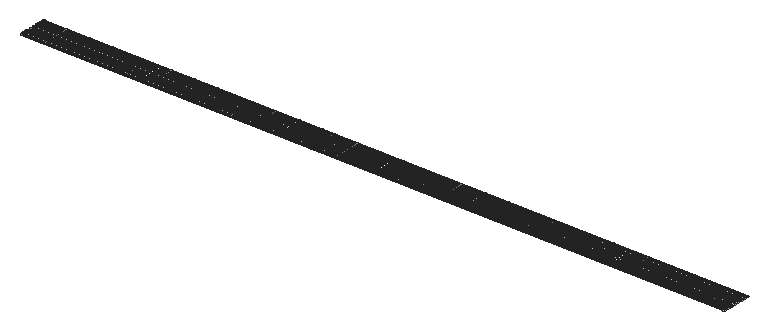
Revit family "Murfor Compact A-80 Masonry Reinforcement", category Specialty Equipment, Revit 2018
Family settings
  Round Connector Dimension = Use Diameter
  Part Type = Normal
  Work Plane-Based = No
  Always vertical = Yes
  Cut with Voids When Loaded = No
  Shared = No
  Room Calculation Point = No
Parameters (values of type "Murfor Compact A-80")
  Z = 81.50 mm
  Youngs Modulus - Gpa = 180
  Yield Strength - Mpa = 1770
  Y [instance] = X / 2  # 30
  X [instance] = Length L / Step c - 1  # 60
  Width - w = 80.00 mm
  Weight kg/ roll = "2.66"
  URL = "https://www.bekaert.com/en/products/construction/masonry-reinforcement/masonry-reinforcement-solutions"
  Type Image = Murfor Compact A-80.PNG
  Type Comments = "A mesh consisting of 14 steel chords"
  Thickness - e = 1.75 mm
  Strain Agt = 2.2
  Step c = 33.00 mm
  Steel Section Total = 9.66 mm
  Pitch (short) - a = 5.00 mm
  Pitch (long) - b = 10.00 mm
  Material Coating Reference EN845-3 = "R20"
  Material = Steel
  Manufacturer = "Bekaert"
  Longtidinal Cord = 0.69 mm
  Length L [instance] = 2000.00 mm
  Keynote = "suitable for all mortar joints with thickness between 3mm and 12mm"
  Description = "Compact masonry reinforcement, steel chords on interwoven fibreglass roving"
  Data sheet = "https://www.bekaert.com/en/product-catalog/content/datasheets/Murfor-Compact"
  Application = "Murfor Compact A-80, made of Galvanised Steel, is suitable for Autoclaved Areated Concrete (AAC) masonry exposed o a dry environment (exposure class MX1, compliant with Eurocode 6/EN 845-3)."
Reference planes
  plane 1 "Center (Front/Back)": y = 0
  plane 2: z = 0
  plane 3 "Center (Left/Right)": x = 0
  plane 4 "Center L/S": x = 2000
  plane 5 "Center L/T": y = 80
  plane 6 "Center L/U": y = 5
  plane 7 "Center L/V": y = 10
  plane 8 "Center L/W": y = 60
  plane 9 "Center L/X": y = 70
  plane 10 "Center L/Y": y = 75
  plane 11 "Center L/Z": y = -1.75
  plane 12 "Center L/AA": y = 81.75
  plane 13: z = 0.875
  plane 14 "Center L/BB": y = 15
  plane 15 "Center L/CC": y = 20
  plane 16 "Center L/DD": y = 25
  plane 17 "Center L/HH": y = 65
  plane 18 "Center L/II": y = 55
  plane 19 "Center L/KK": y = 45
  plane 20 "Center L/LL": y = 35
Lines and regions (mm)
  symbolic lines, style "Masonry Reinforcement"
    curve 1: line (0, 81.75, 0) -> (2000, 81.75, 0)
    curve 2: line (0, -1.75, 0) -> (0, 81.75, 0)
    curve 3: line (2000, -1.75, 0) -> (0, -1.75, 0)
    curve 4: line (2000, 81.75, 0) -> (2000, -1.75, 0)
    curve 5: line (0, 70, 0) -> (2000, 70, 0)
    curve 6: line (0, 60, 0) -> (2000, 60, 0)
    curve 7: line (0, 10, 0) -> (2000, 10, 0)
    curve 70: line (0, 15, 0) -> (2000, 15, 0)
    curve 71: line (0, 20, 0) -> (2000, 20, 0)
    curve 72: line (0, 25, 0) -> (2000, 25, 0)
    curve 73: line (0, 65, 0) -> (2000, 65, 0)
    curve 74: line (0, 55, 0) -> (2000, 55, 0)
    curve 75: line (0, 45, 0) -> (2000, 45, 0)
    curve 76: line (0, 35, 0) -> (2000, 35, 0)
  symbolic lines
    curve 8: line (0, 0, 0) -> (33, 80.985, 0)
    curve 9: line (33, 80.985, 0) -> (66, -0.515, 0)
    curve 12: line (66, 0, 0) -> (99, 80.985, 0)
    curve 13: line (99, 80.985, 0) -> (132, -0.515, 0)
    curve 14: line (132, 0, 0) -> (165, 80.985, 0)
    curve 15: line (165, 80.985, 0) -> (198, -0.515, 0)
    curve 16: line (198, 0, 0) -> (231, 80.985, 0)
    curve 17: line (231, 80.985, 0) -> (264, -0.515, 0)
    curve 18: line (264, 0, 0) -> (297, 80.985, 0)
    curve 19: line (297, 80.985, 0) -> (330, -0.515, 0)
    curve 20: line (330, 0, 0) -> (363, 80.985, 0)
    curve 21: line (363, 80.985, 0) -> (396, -0.515, 0)
    curve 22: line (396, 0, 0) -> (429, 80.985, 0)
    curve 23: line (429, 80.985, 0) -> (462, -0.515, 0)
    curve 24: line (462, 0, 0) -> (495, 80.985, 0)
    curve 25: line (495, 80.985, 0) -> (528, -0.515, 0)
    curve 26: line (528, 0, 0) -> (561, 80.985, 0)
    curve 27: line (561, 80.985, 0) -> (594, -0.515, 0)
    curve 28: line (594, 0, 0) -> (627, 80.985, 0)
    curve 29: line (627, 80.985, 0) -> (660, -0.515, 0)
    curve 30: line (660, 0, 0) -> (693, 80.985, 0)
    curve 31: line (693, 80.985, 0) -> (726, -0.515, 0)
    curve 32: line (726, 0, 0) -> (759, 80.985, 0)
    curve 33: line (759, 80.985, 0) -> (792, -0.515, 0)
    curve 34: line (792, 0, 0) -> (825, 80.985, 0)
    curve 35: line (825, 80.985, 0) -> (858, -0.515, 0)
    curve 36: line (858, 0, 0) -> (891, 80.985, 0)
    curve 37: line (891, 80.985, 0) -> (924, -0.515, 0)
    curve 38: line (924, 0, 0) -> (957, 80.985, 0)
    curve 39: line (957, 80.985, 0) -> (990, -0.515, 0)
    curve 40: line (990, 0, 0) -> (1023, 80.985, 0)
    curve 41: line (1023, 80.985, 0) -> (1056, -0.515, 0)
    curve 42: line (1056, 0, 0) -> (1089, 80.985, 0)
    curve 43: line (1089, 80.985, 0) -> (1122, -0.515, 0)
    curve 44: line (1122, 0, 0) -> (1155, 80.985, 0)
    curve 45: line (1155, 80.985, 0) -> (1188, -0.515, 0)
    curve 46: line (1188, 0, 0) -> (1221, 80.985, 0)
    curve 47: line (1221, 80.985, 0) -> (1254, -0.515, 0)
    curve 48: line (1254, 0, 0) -> (1287, 80.985, 0)
    curve 49: line (1287, 80.985, 0) -> (1320, -0.515, 0)
    curve 50: line (1320, 0, 0) -> (1353, 80.985, 0)
    curve 51: line (1353, 80.985, 0) -> (1386, -0.515, 0)
    curve 52: line (1386, 0, 0) -> (1419, 80.985, 0)
    curve 53: line (1419, 80.985, 0) -> (1452, -0.515, 0)
    curve 54: line (1452, 0, 0) -> (1485, 80.985, 0)
    curve 55: line (1485, 80.985, 0) -> (1518, -0.515, 0)
    curve 56: line (1518, 0, 0) -> (1551, 80.985, 0)
    curve 57: line (1551, 80.985, 0) -> (1584, -0.515, 0)
    curve 58: line (1584, 0, 0) -> (1617, 80.985, 0)
    curve 59: line (1617, 80.985, 0) -> (1650, -0.515, 0)
    curve 60: line (1650, 0, 0) -> (1683, 80.985, 0)
    curve 61: line (1683, 80.985, 0) -> (1716, -0.515, 0)
    curve 62: line (1716, 0, 0) -> (1749, 80.985, 0)
    curve 63: line (1749, 80.985, 0) -> (1782, -0.515, 0)
    curve 64: line (1782, 0, 0) -> (1815, 80.985, 0)
    curve 65: line (1815, 80.985, 0) -> (1848, -0.515, 0)
    curve 66: line (1848, 0, 0) -> (1881, 80.985, 0)
    curve 67: line (1881, 80.985, 0) -> (1914, -0.515, 0)
    curve 68: line (1914, 0, 0) -> (1947, 80.985, 0)
    curve 69: line (1947, 80.985, 0) -> (1980, -0.515, 0)
  symbolic lines, not visible
    curve 10: line (0, 0, 0) -> (33, 80.985, 0)
    curve 11: line (33, 80.985, 0) -> (66, -0.515, 0)
Dimensions and locks
  "Length L": plane 3 "Center (Left/Right)" to plane 4 "Center L/S"
  "Width - w": plane 1 "Center (Front/Back)" to plane 5 "Center L/T"
  "Pitch (short) - a": plane 1 "Center (Front/Back)" to plane 6 "Center L/U"
  "Pitch (short) - a": plane 6 "Center L/U" to plane 7 "Center L/V"
  "Pitch (short) - a": plane 10 "Center L/Y" to plane 5 "Center L/T"
  "Pitch (short) - a": plane 9 "Center L/X" to plane 10 "Center L/Y"
  "Thickness - e": plane 5 "Center L/T" to plane 12 "Center L/AA"
  "Thickness - e": plane 11 "Center L/Z" to plane 1 "Center (Front/Back)"
  "Step c": plane 3 "Center (Left/Right)" to nested 8
  nested 8 to level = 0.00 mm
  "Pitch (short) - a": plane 7 "Center L/V" to plane 14 "Center L/BB"
  "Pitch (short) - a": plane 14 "Center L/BB" to plane 15 "Center L/CC"
  "Pitch (short) - a": plane 15 "Center L/CC" to plane 16 "Center L/DD"
  "Pitch (long) - b": plane 16 "Center L/DD" to plane 20 "Center L/LL"
  "Pitch (long) - b": plane 20 "Center L/LL" to plane 19 "Center L/KK"
  "Pitch (long) - b": plane 19 "Center L/KK" to plane 18 "Center L/II"
  equal spacing: group 1, group 32, group 33, group 34, group 35, group 36, group 37, group 38, group 39, group 40, group 41, group 42, group 43, group 44, group 45, group 46, group 47, group 48, group 49, group 50, group 51, group 52, group 53, group 54, group 55, group 56, group 57, group 58, group 59, group 60, group 61, group 62, group 63, group 64, group 65, group 66, group 67, group 68, group 69, group 70, group 71, group 72, group 73, group 74, group 75, group 76, group 77, group 78, group 79, group 80, group 81, group 82, group 83, group 84, group 85, group 86, group 87, group 88, group 89, group 90  (x3)
  aligned and locked: level to plane 2
  aligned and locked: plane 1 "Center (Front/Back)" to nested 1
  aligned and locked: plane 3 "Center (Left/Right)" to nested 1  (x2)
  aligned and locked: plane 5 "Center L/T" to nested 6
  aligned and locked: plane 3 "Center (Left/Right)" to nested 6
  aligned and locked: plane 3 "Center (Left/Right)" to nested 5
  aligned and locked: plane 3 "Center (Left/Right)" to nested 7
  aligned and locked: plane 3 "Center (Left/Right)" to nested 4
  aligned and locked: plane 3 "Center (Left/Right)" to nested 3
  aligned and locked: plane 3 "Center (Left/Right)" to nested 2
  aligned and locked: nested 1 to plane 3 "Center (Left/Right)"
  aligned and locked: plane 6 "Center L/U" to nested 2
  aligned and locked: plane 7 "Center L/V" to nested 3
  aligned and locked: plane 8 "Center L/W" to nested 4
  aligned and locked: plane 9 "Center L/X" to nested 7
  aligned and locked: plane 10 "Center L/Y" to nested 5
  aligned and locked: plane 4 "Center L/S" to nested 6
  aligned and locked: plane 4 "Center L/S" to nested 5
  aligned and locked: plane 4 "Center L/S" to nested 7
  aligned and locked: plane 4 "Center L/S" to nested 4
  aligned and locked: plane 4 "Center L/S" to nested 3  (x2)
  aligned and locked: plane 4 "Center L/S" to nested 1  (x2)
  aligned and locked: plane 4 "Center L/S" to nested 2  (x2)
  aligned and locked: plane 12 "Center L/AA" to curve 1
  aligned and locked: plane 3 "Center (Left/Right)" to curve 2
  aligned and locked: curve 3 to plane 11 "Center L/Z"
  aligned and locked: curve 2 to curve 7
  aligned and locked: plane 4 "Center L/S" to curve 7
  aligned and locked: plane 14 "Center L/BB" to nested 9
  aligned and locked: plane 15 "Center L/CC" to nested 10
  aligned and locked: plane 16 "Center L/DD" to nested 11
  aligned and locked: plane 3 "Center (Left/Right)" to nested 11
  aligned and locked: plane 3 "Center (Left/Right)" to nested 10
  aligned and locked: plane 3 "Center (Left/Right)" to nested 9
  aligned and locked: nested 3 to plane 3 "Center (Left/Right)"
  aligned and locked: nested 2 to plane 3 "Center (Left/Right)"
  aligned and locked: plane 4 "Center L/S" to nested 9
  aligned and locked: plane 4 "Center L/S" to nested 10
  aligned and locked: nested 11 to curve 4
  aligned and locked: plane 17 "Center L/HH" to nested 12
  aligned and locked: plane 18 "Center L/II" to nested 13
  aligned and locked: plane 19 "Center L/KK" to nested 14
  aligned and locked: plane 20 "Center L/LL" to nested 15
Automatic sketch dimensions
  plane 7 "Center L/V" to curve 7 = 0.00 mm
  plane 14 "Center L/BB" to curve 70 = 0.00 mm
  plane 15 "Center L/CC" to curve 71 = 0.00 mm
  plane 16 "Center L/DD" to curve 72 = 0.00 mm
  plane 20 "Center L/LL" to curve 76 = 0.00 mm
  plane 19 "Center L/KK" to curve 75 = 0.00 mm
  plane 18 "Center L/II" to curve 74 = 0.00 mm
  plane 8 "Center L/W" to curve 6 = 0.00 mm
  plane 17 "Center L/HH" to curve 73 = 0.00 mm
  plane 9 "Center L/X" to curve 5 = 0.00 mm
  curve 8 to curve 9 = 87.45 mm  (x2)
  curve 8 to curve 9 = 66.002 mm
  curve 9 to curve 8 = 66.002 mm
  curve 10 to curve 11 = 33.00 mm
  curve 10 to curve 11 = 66.00 mm
  curve 11 to curve 10 = 0.515 mm
  curve 10 to curve 11 = 80.985 mm
  curve 12 to curve 13 = 33.00 mm
  curve 12 to curve 13 = 66.00 mm
  curve 13 to curve 12 = 0.515 mm
  curve 12 to curve 13 = 80.985 mm
  curve 14 to curve 15 = 33.00 mm
  curve 14 to curve 15 = 66.00 mm
  curve 15 to curve 14 = 0.515 mm
  curve 14 to curve 15 = 80.985 mm
  curve 16 to curve 17 = 33.00 mm
  curve 16 to curve 17 = 66.00 mm
  curve 17 to curve 16 = 0.515 mm
  curve 16 to curve 17 = 80.985 mm
  curve 18 to curve 19 = 33.00 mm
  curve 18 to curve 19 = 66.00 mm
  curve 19 to curve 18 = 0.515 mm
  curve 18 to curve 19 = 80.985 mm
  curve 20 to curve 21 = 33.00 mm
  curve 20 to curve 21 = 66.00 mm
  curve 21 to curve 20 = 0.515 mm
  curve 20 to curve 21 = 80.985 mm
  curve 22 to curve 23 = 33.00 mm
  curve 22 to curve 23 = 66.00 mm
  curve 23 to curve 22 = 0.515 mm
  curve 22 to curve 23 = 80.985 mm
  curve 24 to curve 25 = 33.00 mm
  curve 24 to curve 25 = 66.00 mm
  curve 25 to curve 24 = 0.515 mm
  curve 24 to curve 25 = 80.985 mm
  curve 26 to curve 27 = 33.00 mm
  curve 26 to curve 27 = 66.00 mm
  curve 27 to curve 26 = 0.515 mm
  curve 26 to curve 27 = 80.985 mm
  curve 28 to curve 29 = 33.00 mm
  curve 28 to curve 29 = 66.00 mm
  curve 29 to curve 28 = 0.515 mm
  curve 28 to curve 29 = 80.985 mm
  curve 30 to curve 31 = 33.00 mm
  curve 30 to curve 31 = 66.00 mm
  curve 31 to curve 30 = 0.515 mm
  curve 30 to curve 31 = 80.985 mm
  curve 32 to curve 33 = 33.00 mm
  curve 32 to curve 33 = 66.00 mm
  curve 33 to curve 32 = 0.515 mm
  curve 32 to curve 33 = 80.985 mm
  curve 34 to curve 35 = 33.00 mm
  curve 34 to curve 35 = 66.00 mm
  curve 35 to curve 34 = 0.515 mm
  curve 34 to curve 35 = 80.985 mm
  curve 36 to curve 37 = 33.00 mm
  curve 36 to curve 37 = 66.00 mm
  curve 37 to curve 36 = 0.515 mm
  curve 36 to curve 37 = 80.985 mm
  curve 38 to curve 39 = 33.00 mm
  curve 38 to curve 39 = 66.00 mm
  curve 39 to curve 38 = 0.515 mm
  curve 38 to curve 39 = 80.985 mm
  curve 40 to curve 41 = 33.00 mm
  curve 40 to curve 41 = 66.00 mm
  curve 41 to curve 40 = 0.515 mm
  curve 40 to curve 41 = 80.985 mm
  curve 42 to curve 43 = 33.00 mm
  curve 42 to curve 43 = 66.00 mm
  curve 43 to curve 42 = 0.515 mm
  curve 42 to curve 43 = 80.985 mm
  curve 44 to curve 45 = 33.00 mm
  curve 44 to curve 45 = 66.00 mm
  curve 45 to curve 44 = 0.515 mm
  curve 44 to curve 45 = 80.985 mm
  curve 46 to curve 47 = 33.00 mm
  curve 46 to curve 47 = 66.00 mm
  curve 47 to curve 46 = 0.515 mm
  curve 46 to curve 47 = 80.985 mm
  curve 48 to curve 49 = 33.00 mm
  curve 48 to curve 49 = 66.00 mm
  curve 49 to curve 48 = 0.515 mm
  curve 48 to curve 49 = 80.985 mm
  curve 50 to curve 51 = 33.00 mm
  curve 50 to curve 51 = 66.00 mm
  curve 51 to curve 50 = 0.515 mm
  curve 50 to curve 51 = 80.985 mm
  curve 52 to curve 53 = 33.00 mm
  curve 52 to curve 53 = 66.00 mm
  curve 53 to curve 52 = 0.515 mm
  curve 52 to curve 53 = 80.985 mm
  curve 54 to curve 55 = 33.00 mm
  curve 54 to curve 55 = 66.00 mm
  curve 55 to curve 54 = 0.515 mm
  curve 54 to curve 55 = 80.985 mm
  curve 56 to curve 57 = 33.00 mm
  curve 56 to curve 57 = 66.00 mm
  curve 57 to curve 56 = 0.515 mm
  curve 56 to curve 57 = 80.985 mm
  curve 58 to curve 59 = 33.00 mm
  curve 58 to curve 59 = 66.00 mm
  curve 59 to curve 58 = 0.515 mm
  curve 58 to curve 59 = 80.985 mm
  curve 60 to curve 61 = 33.00 mm
  curve 60 to curve 61 = 66.00 mm
  curve 61 to curve 60 = 0.515 mm
  curve 60 to curve 61 = 80.985 mm
  curve 62 to curve 63 = 33.00 mm
  curve 62 to curve 63 = 66.00 mm
  curve 63 to curve 62 = 0.515 mm
  curve 62 to curve 63 = 80.985 mm
  curve 64 to curve 65 = 33.00 mm
  curve 64 to curve 65 = 66.00 mm
  curve 65 to curve 64 = 0.515 mm
  curve 64 to curve 65 = 80.985 mm
  curve 66 to curve 67 = 33.00 mm
  curve 66 to curve 67 = 66.00 mm
  curve 67 to curve 66 = 0.515 mm
  curve 66 to curve 67 = 80.985 mm
  curve 68 to curve 69 = 33.00 mm
  curve 68 to curve 69 = 66.00 mm
  curve 69 to curve 68 = 0.515 mm
  curve 68 to curve 69 = 80.985 mm
  plane 1 "Center (Front/Back)" to curve 8 = 0.00 mm
  curve 8 to plane 3 "Center (Left/Right)" = 0.00 mm
  curve 8 to plane 5 "Center L/T" = 0.985 mm
  plane 3 "Center (Left/Right)" to curve 8 = 33.00 mm
  curve 9 to plane 5 "Center L/T" = 0.985 mm
  curve 9 to curve 8 = 0.00 mm
  plane 1 "Center (Front/Back)" to curve 9 = 0.515 mm
  plane 3 "Center (Left/Right)" to curve 9 = 66.00 mm
Nested families
  nested 1: "Murfor Cord Section" at (0, 0, 0), type "Murfor Cord Section"
    with Length 2000.00 mm
  nested 2: "Murfor Cord Section" at (0, 5, 0), type "Murfor Cord Section"
    with Length 2000.00 mm
  nested 3: "Murfor Cord Section" at (0, 10, 0), type "Murfor Cord Section"
    with Length 2000.00 mm
  nested 4: "Murfor Cord Section" at (0, 60, 0), type "Murfor Cord Section"
    with Length 2000.00 mm
  nested 5: "Murfor Cord Section" at (0, 75, 0), type "Murfor Cord Section"
    with Length 2000.00 mm
  nested 6: "Murfor Cord Section" at (0, 80, 0), type "Murfor Cord Section"
    with Length 2000.00 mm
  nested 7: "Murfor Cord Section" at (0, 70, 0), type "Murfor Cord Section"
    with Length 2000.00 mm
  nested 8: "Murfor Cord Section" at (33, -0.515, 0) x (0, 1, 0) z (0, 0, 1), Length <- "Z", type "Murfor Cord Cross Section"
    with Length 81.50 mm, Thickness - e 0.90 mm
  nested 9: "Murfor Cord Section" at (0, 15, 0), type "Murfor Cord Section"
    with Length 2000.00 mm
  nested 10: "Murfor Cord Section" at (0, 20, 0), type "Murfor Cord Section"
    with Length 2000.00 mm
  nested 11: "Murfor Cord Section" at (0, 25, 0), type "Murfor Cord Section"
    with Length 2000.00 mm
  nested 12: "Murfor Cord Section" at (0, 65, 0), type "Murfor Cord Section"
    with Length 2000.00 mm
  nested 13: "Murfor Cord Section" at (0, 55, 0), type "Murfor Cord Section"
    with Length 2000.00 mm
  nested 14: "Murfor Cord Section" at (0, 45, 0), type "Murfor Cord Section"
    with Length 2000.00 mm
  nested 15: "Murfor Cord Section" at (0, 35, 0), type "Murfor Cord Section"
    with Length 2000.00 mm
  nested 16: "Murfor Cord Section" at (66, -0.515, 0) x (0, 1, 0) z (0, 0, 1), Length <- "Z", type "Murfor Cord Cross Section"
    with Length 81.50 mm, Thickness - e 0.90 mm
  nested 17: "Murfor Cord Section" at (99, -0.515, 0) x (0, 1, 0) z (0, 0, 1), Length <- "Z", type "Murfor Cord Cross Section"
    with Length 81.50 mm, Thickness - e 0.90 mm
  nested 18: "Murfor Cord Section" at (132, -0.515, 0) x (0, 1, 0) z (0, 0, 1), Length <- "Z", type "Murfor Cord Cross Section"
    with Length 81.50 mm, Thickness - e 0.90 mm
  nested 19: "Murfor Cord Section" at (165, -0.515, 0) x (0, 1, 0) z (0, 0, 1), Length <- "Z", type "Murfor Cord Cross Section"
    with Length 81.50 mm, Thickness - e 0.90 mm
  nested 20: "Murfor Cord Section" at (198, -0.515, 0) x (0, 1, 0) z (0, 0, 1), Length <- "Z", type "Murfor Cord Cross Section"
    with Length 81.50 mm, Thickness - e 0.90 mm
  nested 21: "Murfor Cord Section" at (231, -0.515, 0) x (0, 1, 0) z (0, 0, 1), Length <- "Z", type "Murfor Cord Cross Section"
    with Length 81.50 mm, Thickness - e 0.90 mm
  nested 22: "Murfor Cord Section" at (264, -0.515, 0) x (0, 1, 0) z (0, 0, 1), Length <- "Z", type "Murfor Cord Cross Section"
    with Length 81.50 mm, Thickness - e 0.90 mm
  nested 23: "Murfor Cord Section" at (297, -0.515, 0) x (0, 1, 0) z (0, 0, 1), Length <- "Z", type "Murfor Cord Cross Section"
    with Length 81.50 mm, Thickness - e 0.90 mm
  nested 24: "Murfor Cord Section" at (330, -0.515, 0) x (0, 1, 0) z (0, 0, 1), Length <- "Z", type "Murfor Cord Cross Section"
    with Length 81.50 mm, Thickness - e 0.90 mm
  nested 25: "Murfor Cord Section" at (363, -0.515, 0) x (0, 1, 0) z (0, 0, 1), Length <- "Z", type "Murfor Cord Cross Section"
    with Length 81.50 mm, Thickness - e 0.90 mm
  nested 26: "Murfor Cord Section" at (396, -0.515, 0) x (0, 1, 0) z (0, 0, 1), Length <- "Z", type "Murfor Cord Cross Section"
    with Length 81.50 mm, Thickness - e 0.90 mm
  nested 27: "Murfor Cord Section" at (429, -0.515, 0) x (0, 1, 0) z (0, 0, 1), Length <- "Z", type "Murfor Cord Cross Section"
    with Length 81.50 mm, Thickness - e 0.90 mm
  nested 28: "Murfor Cord Section" at (462, -0.515, 0) x (0, 1, 0) z (0, 0, 1), Length <- "Z", type "Murfor Cord Cross Section"
    with Length 81.50 mm, Thickness - e 0.90 mm
  nested 29: "Murfor Cord Section" at (495, -0.515, 0) x (0, 1, 0) z (0, 0, 1), Length <- "Z", type "Murfor Cord Cross Section"
    with Length 81.50 mm, Thickness - e 0.90 mm
  nested 30: "Murfor Cord Section" at (528, -0.515, 0) x (0, 1, 0) z (0, 0, 1), Length <- "Z", type "Murfor Cord Cross Section"
    with Length 81.50 mm, Thickness - e 0.90 mm
  nested 31: "Murfor Cord Section" at (561, -0.515, 0) x (0, 1, 0) z (0, 0, 1), Length <- "Z", type "Murfor Cord Cross Section"
    with Length 81.50 mm, Thickness - e 0.90 mm
  nested 32: "Murfor Cord Section" at (594, -0.515, 0) x (0, 1, 0) z (0, 0, 1), Length <- "Z", type "Murfor Cord Cross Section"
    with Length 81.50 mm, Thickness - e 0.90 mm
  nested 33: "Murfor Cord Section" at (627, -0.515, 0) x (0, 1, 0) z (0, 0, 1), Length <- "Z", type "Murfor Cord Cross Section"
    with Length 81.50 mm, Thickness - e 0.90 mm
  nested 34: "Murfor Cord Section" at (660, -0.515, 0) x (0, 1, 0) z (0, 0, 1), Length <- "Z", type "Murfor Cord Cross Section"
    with Length 81.50 mm, Thickness - e 0.90 mm
  nested 35: "Murfor Cord Section" at (693, -0.515, 0) x (0, 1, 0) z (0, 0, 1), Length <- "Z", type "Murfor Cord Cross Section"
    with Length 81.50 mm, Thickness - e 0.90 mm
  nested 36: "Murfor Cord Section" at (726, -0.515, 0) x (0, 1, 0) z (0, 0, 1), Length <- "Z", type "Murfor Cord Cross Section"
    with Length 81.50 mm, Thickness - e 0.90 mm
  nested 37: "Murfor Cord Section" at (759, -0.515, 0) x (0, 1, 0) z (0, 0, 1), Length <- "Z", type "Murfor Cord Cross Section"
    with Length 81.50 mm, Thickness - e 0.90 mm
  nested 38: "Murfor Cord Section" at (792, -0.515, 0) x (0, 1, 0) z (0, 0, 1), Length <- "Z", type "Murfor Cord Cross Section"
    with Length 81.50 mm, Thickness - e 0.90 mm
  nested 39: "Murfor Cord Section" at (825, -0.515, 0) x (0, 1, 0) z (0, 0, 1), Length <- "Z", type "Murfor Cord Cross Section"
    with Length 81.50 mm, Thickness - e 0.90 mm
  nested 40: "Murfor Cord Section" at (858, -0.515, 0) x (0, 1, 0) z (0, 0, 1), Length <- "Z", type "Murfor Cord Cross Section"
    with Length 81.50 mm, Thickness - e 0.90 mm
  nested 41: "Murfor Cord Section" at (891, -0.515, 0) x (0, 1, 0) z (0, 0, 1), Length <- "Z", type "Murfor Cord Cross Section"
    with Length 81.50 mm, Thickness - e 0.90 mm
  nested 42: "Murfor Cord Section" at (924, -0.515, 0) x (0, 1, 0) z (0, 0, 1), Length <- "Z", type "Murfor Cord Cross Section"
    with Length 81.50 mm, Thickness - e 0.90 mm
  nested 43: "Murfor Cord Section" at (957, -0.515, 0) x (0, 1, 0) z (0, 0, 1), Length <- "Z", type "Murfor Cord Cross Section"
    with Length 81.50 mm, Thickness - e 0.90 mm
  nested 44: "Murfor Cord Section" at (990, -0.515, 0) x (0, 1, 0) z (0, 0, 1), Length <- "Z", type "Murfor Cord Cross Section"
    with Length 81.50 mm, Thickness - e 0.90 mm
  nested 45: "Murfor Cord Section" at (1023, -0.515, 0) x (0, 1, 0) z (0, 0, 1), Length <- "Z", type "Murfor Cord Cross Section"
    with Length 81.50 mm, Thickness - e 0.90 mm
  nested 46: "Murfor Cord Section" at (1056, -0.515, 0) x (0, 1, 0) z (0, 0, 1), Length <- "Z", type "Murfor Cord Cross Section"
    with Length 81.50 mm, Thickness - e 0.90 mm
  nested 47: "Murfor Cord Section" at (1089, -0.515, 0) x (0, 1, 0) z (0, 0, 1), Length <- "Z", type "Murfor Cord Cross Section"
    with Length 81.50 mm, Thickness - e 0.90 mm
  nested 48: "Murfor Cord Section" at (1122, -0.515, 0) x (0, 1, 0) z (0, 0, 1), Length <- "Z", type "Murfor Cord Cross Section"
    with Length 81.50 mm, Thickness - e 0.90 mm
  nested 49: "Murfor Cord Section" at (1155, -0.515, 0) x (0, 1, 0) z (0, 0, 1), Length <- "Z", type "Murfor Cord Cross Section"
    with Length 81.50 mm, Thickness - e 0.90 mm
  nested 50: "Murfor Cord Section" at (1188, -0.515, 0) x (0, 1, 0) z (0, 0, 1), Length <- "Z", type "Murfor Cord Cross Section"
    with Length 81.50 mm, Thickness - e 0.90 mm
  nested 51: "Murfor Cord Section" at (1221, -0.515, 0) x (0, 1, 0) z (0, 0, 1), Length <- "Z", type "Murfor Cord Cross Section"
    with Length 81.50 mm, Thickness - e 0.90 mm
  nested 52: "Murfor Cord Section" at (1254, -0.515, 0) x (0, 1, 0) z (0, 0, 1), Length <- "Z", type "Murfor Cord Cross Section"
    with Length 81.50 mm, Thickness - e 0.90 mm
  nested 53: "Murfor Cord Section" at (1287, -0.515, 0) x (0, 1, 0) z (0, 0, 1), Length <- "Z", type "Murfor Cord Cross Section"
    with Length 81.50 mm, Thickness - e 0.90 mm
  nested 54: "Murfor Cord Section" at (1320, -0.515, 0) x (0, 1, 0) z (0, 0, 1), Length <- "Z", type "Murfor Cord Cross Section"
    with Length 81.50 mm, Thickness - e 0.90 mm
  nested 55: "Murfor Cord Section" at (1353, -0.515, 0) x (0, 1, 0) z (0, 0, 1), Length <- "Z", type "Murfor Cord Cross Section"
    with Length 81.50 mm, Thickness - e 0.90 mm
  nested 56: "Murfor Cord Section" at (1386, -0.515, 0) x (0, 1, 0) z (0, 0, 1), Length <- "Z", type "Murfor Cord Cross Section"
    with Length 81.50 mm, Thickness - e 0.90 mm
  nested 57: "Murfor Cord Section" at (1419, -0.515, 0) x (0, 1, 0) z (0, 0, 1), Length <- "Z", type "Murfor Cord Cross Section"
    with Length 81.50 mm, Thickness - e 0.90 mm
  nested 58: "Murfor Cord Section" at (1452, -0.515, 0) x (0, 1, 0) z (0, 0, 1), Length <- "Z", type "Murfor Cord Cross Section"
    with Length 81.50 mm, Thickness - e 0.90 mm
  nested 59: "Murfor Cord Section" at (1485, -0.515, 0) x (0, 1, 0) z (0, 0, 1), Length <- "Z", type "Murfor Cord Cross Section"
    with Length 81.50 mm, Thickness - e 0.90 mm
  nested 60: "Murfor Cord Section" at (1518, -0.515, 0) x (0, 1, 0) z (0, 0, 1), Length <- "Z", type "Murfor Cord Cross Section"
    with Length 81.50 mm, Thickness - e 0.90 mm
  nested 61: "Murfor Cord Section" at (1551, -0.515, 0) x (0, 1, 0) z (0, 0, 1), Length <- "Z", type "Murfor Cord Cross Section"
    with Length 81.50 mm, Thickness - e 0.90 mm
  nested 62: "Murfor Cord Section" at (1584, -0.515, 0) x (0, 1, 0) z (0, 0, 1), Length <- "Z", type "Murfor Cord Cross Section"
    with Length 81.50 mm, Thickness - e 0.90 mm
  nested 63: "Murfor Cord Section" at (1617, -0.515, 0) x (0, 1, 0) z (0, 0, 1), Length <- "Z", type "Murfor Cord Cross Section"
    with Length 81.50 mm, Thickness - e 0.90 mm
  nested 64: "Murfor Cord Section" at (1650, -0.515, 0) x (0, 1, 0) z (0, 0, 1), Length <- "Z", type "Murfor Cord Cross Section"
    with Length 81.50 mm, Thickness - e 0.90 mm
  nested 65: "Murfor Cord Section" at (1683, -0.515, 0) x (0, 1, 0) z (0, 0, 1), Length <- "Z", type "Murfor Cord Cross Section"
    with Length 81.50 mm, Thickness - e 0.90 mm
  nested 66: "Murfor Cord Section" at (1716, -0.515, 0) x (0, 1, 0) z (0, 0, 1), Length <- "Z", type "Murfor Cord Cross Section"
    with Length 81.50 mm, Thickness - e 0.90 mm
  nested 67: "Murfor Cord Section" at (1749, -0.515, 0) x (0, 1, 0) z (0, 0, 1), Length <- "Z", type "Murfor Cord Cross Section"
    with Length 81.50 mm, Thickness - e 0.90 mm
  nested 68: "Murfor Cord Section" at (1782, -0.515, 0) x (0, 1, 0) z (0, 0, 1), Length <- "Z", type "Murfor Cord Cross Section"
    with Length 81.50 mm, Thickness - e 0.90 mm
  nested 69: "Murfor Cord Section" at (1815, -0.515, 0) x (0, 1, 0) z (0, 0, 1), Length <- "Z", type "Murfor Cord Cross Section"
    with Length 81.50 mm, Thickness - e 0.90 mm
  nested 70: "Murfor Cord Section" at (1848, -0.515, 0) x (0, 1, 0) z (0, 0, 1), Length <- "Z", type "Murfor Cord Cross Section"
    with Length 81.50 mm, Thickness - e 0.90 mm
  nested 71: "Murfor Cord Section" at (1881, -0.515, 0) x (0, 1, 0) z (0, 0, 1), Length <- "Z", type "Murfor Cord Cross Section"
    with Length 81.50 mm, Thickness - e 0.90 mm
  nested 72: "Murfor Cord Section" at (1914, -0.515, 0) x (0, 1, 0) z (0, 0, 1), Length <- "Z", type "Murfor Cord Cross Section"
    with Length 81.50 mm, Thickness - e 0.90 mm
  nested 73: "Murfor Cord Section" at (1947, -0.515, 0) x (0, 1, 0) z (0, 0, 1), Length <- "Z", type "Murfor Cord Cross Section"
    with Length 81.50 mm, Thickness - e 0.90 mm
  nested 74: "Murfor Cord Section" at (1980, -0.515, 0) x (0, 1, 0) z (0, 0, 1), Length <- "Z", type "Murfor Cord Cross Section"
    with Length 81.50 mm, Thickness - e 0.90 mm
Definition of nested family "Murfor Cord Section"
  Parameters (values of type "Murfor Cord Section")
    Thickness - e = 1.75 mm
    Length [instance] = 1000.00 mm
  Reference planes
    plane 1 "Center (Front/Back)": y = 0
    plane 2: z = 0
    plane 3 "Center (Left/Right)": x = 0
    plane 4: x = 1000
  Forms (mm)
    Extrusion 1, solid
      sketch origin (0, 0, 0) x (0, 1, 0) y (0, 0, 1)
        loop
          circle (0, 0) r 0.875
      from 0 to 1000
  Dimensions and locks
    "Length": plane 3 "Center (Left/Right)" to plane 4
    "Thickness - e": diameter of Extrusion 1 sketch curve
    aligned and locked: level to plane 2
    aligned and locked: Extrusion 1 to plane 3 "Center (Left/Right)"
    aligned and locked: plane 4 to Extrusion 1
  Automatic sketch dimensions
    Extrusion 1 sketch curve to level = 0.00 mm
    Extrusion 1 sketch curve to plane 1 "Center (Front/Back)" = 0.00 mm
